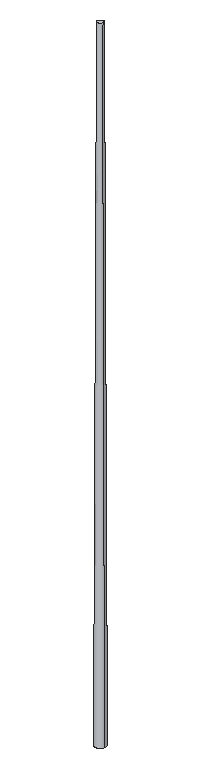
Revit family "329L", category Balusters, Revit 2019
Family settings
  OmniClass Number = 23.30.80.11.11.14
  OmniClass Title = Posts, Newel Posts, Pickets
  Always vertical = Yes
  Cut with Voids When Loaded = No
  Shared = No
Parameters
  URL = "https://www.juliusblum.com/\r\nwww.juliusblum.com/"
  built-in parameter 1008623 [instance] = 32.47°
  built-in parameter 1008625 [instance] = (empty or 0)
  Post = no
  Model = "329L"
  Manufacturer = "Julius Blum & Co Inc."
  Description = "Julius Blum & Co Inc. supplies stock material only and does not offer custom design, fabricating or installation services."
  built-in parameter 1008624 [instance] = 32.47°
  built-in parameter 1008622 [instance] = 3' - 6"
Reference planes (in)
  plane 1 "Center (Front/Back)": y = 0
  plane 2: z = 0
  plane 3 "Center (Left/Right)": x = 0
  plane 4 "Top": z = 42
  plane 5 "Top Cut Angle": through (0, 13.58797, 33.35351) normal (0, -0.5369, -0.8437)
  plane 6 "Bottom Cut Angle": through (0, 0, 0) normal (0, -0.5369, -0.8437)
Forms (in)
  Blend 1, solid
    base sketch origin (0, 0, 0) x (1, 0, 0) y (0, 1, 0)
      loop
        circle (0, 0) r 0.3125
    top sketch origin (0, 0, 0) x (1, 0, 0) y (0, 1, 0)
      loop
        circle (0, 0) r 0.1875
    from 0 to 42
Text (in)
  text "Baluster Elevation" at (0, 56.5946, 48.5925), in view "Left"
Dimensions and locks (in)
  "built-in parameter 1008622": plane 2 to plane 4 "Top"
  "built-in parameter 1008623": angle plane 4 "Top" to plane 5 "Top Cut Angle"
  "built-in parameter 1008624": angle level to plane 6 "Bottom Cut Angle"
  aligned and locked: plane 2 to level
Automatic sketch dimensions
  plane 1 "Center (Front/Back)" to Blend 1 sketch curve = 0' - 0"  (x2)
  Blend 1 sketch curve to plane 3 "Center (Left/Right)" = 0' - 0"  (x2)
  radius of Blend 1 sketch curve = 0' - 0 5/16"
  radius of Blend 1 sketch curve = 0' - 0 3/16"
